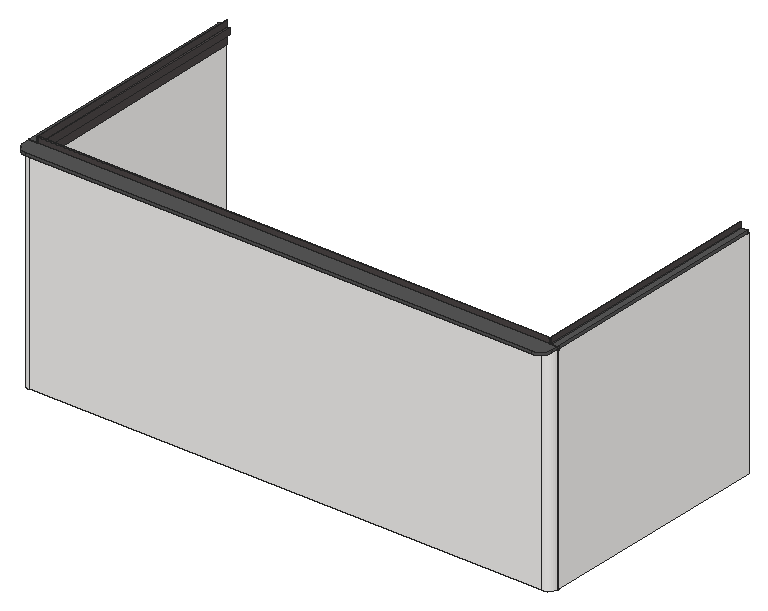
Revit family "vanity unit with 1 drawers for consoles with countertop basin ground", category Furniture, Revit 2019 (continued)
Definition of nested family "vanity unit 1180_550 with 1 drawer for consoles with countertop basin ground-54063700-diamond matt grey-matt_white-400_c"
  Parameters (values of type "Vanity unit 1180_550 with 1 drawer for consoles with countertop basin ground-54063700-Diamond Matt Grey-MATT_WHITE-400_C")
    OBJECTTYPE = "Object (single object)"
    OBERFLAECHE = "Diamond Matt Grey"
    NN = "Vanity Unit with 1 Drawers for consoles with countertop basin ground"
    NBSYN = "$BASENUMBER.-$ARTNR.-$OBERFLAECHE.-$SURFACE.-$LODLEVEL."
    NB = "Vanity unit 1180/550 with 1 drawer for consoles with countertop basin ground-54063700-Diamond Matt Grey-MATT_WHITE-400"
    NAME = "Xelu Q Vanity unit Diamond Matt Grey 1180/550 with 1 drawer for consoles with countertop basin ground"
    Model = "Vanity unit 1180/550 with 1 drawer for consoles with countertop basin ground-54063700-Diamond Matt Grey-MATT_WHITE-400"
    Manufacturer = "Hansgrohe"
    MASTERFORMAT = "12 35 30.23 | Bathroom Casework"
    LODLEVEL = "400"
    LINA = "Vanity unit 1180/550 with 1 drawer for consoles with countertop basin ground-54063700-Diamond Matt Grey-MATT_WHITE-400"
    L = 1180
    IFC = "Furnishing element"
    GTINCODE = "4059625456064"
    ETIM = "EC011381 | Bathroom furniture set"
    Default Elevation = 1219.2 mm
    DESIGN = "Germany"
    ContentVisible [instance] = yes
    CATALOG = "Hansgrohe"
    BIMOBJECT = "Sanitary: Compound units"
    BASENUMBER = "Vanity unit 1180/550 with 1 drawer for consoles with countertop basin ground"
    ARTNR = "54063700"
  Reference planes
    plane 1 "Center (Front/Back)": y = 0
    plane 2: z = 0
    plane 3 "Center (Left/Right)": x = 0
  Forms (mm)
    Extrusion 1, solid, visible <- "ContentVisible", detail levels medium+fine
      sketch origin (0, 0, 0) x (1, 0, 0) y (0, 1, 0)
        loop
          line (-590, 0) -> (-590, -527)
          arc (-590, -527) -> (-589.121, -529.121) -> (-587, -530) r 3
          line (-587, -530) -> (-574, -530) -> (-574, 0) -> (-590, 0)
      from 0 to 480
    Extrusion 2, solid, visible <- "ContentVisible", detail levels medium+fine
      sketch origin (0, 0, 0) x (1, 0, 0) y (0, 1, 0)
        loop
          line (-574, -133) -> (-574, -499.5) -> (574, -499.5) -> (574, -133) -> (-574, -133)
      from 0 to 16
    Extrusion 3, solid, visible <- "ContentVisible", detail levels medium+fine
      sketch origin (0, 0, 0) x (1, 0, 0) y (0, 1, 0)
        loop
          line (574, 0) -> (574, -530) -> (587, -530)
          arc (587, -530) -> (589.121, -529.121) -> (590, -527) r 3
          line (590, -527) -> (590, 0) -> (574, 0)
      from 0 to 480
    Extrusion 4, solid, visible <- "ContentVisible", detail levels medium+fine
      sketch origin (0, 0, 0) x (1, 0, 0) y (0, 1, 0)
        loop
          line (-574, -117) -> (-574, -133) -> (574, -133) -> (574, -117) -> (-574, -117)
      from 0 to 126
    Extrusion 5, solid, visible <- "ContentVisible", detail levels medium+fine
      sketch origin (0, 0, 2) x (1, 0, 0) y (0, 1, 0)
        loop
          arc (-590, -532) -> (-584.435, -545.435) -> (-571, -551) r 19
          line (-571, -551) -> (571, -551)
          arc (571, -551) -> (584.435, -545.435) -> (590, -532) r 19
          line (590, -532) -> (590, -530) -> (-590, -530) -> (-590, -532)
      from 0 to 478
    Extrusion 6, solid, visible <- "ContentVisible", detail levels medium+fine
      sketch origin (0, 0, 480) x (1, 0, 0) y (0, 1, 0)
        loop
          line (-588.5, -530) -> (-588.5, -546)
          arc (-588.5, -546) -> (-581.178, -563.678) -> (-563.5, -571) r 25
          line (-563.5, -571) -> (563.5, -571)
          arc (563.5, -571) -> (581.178, -563.678) -> (588.5, -546) r 25
          line (588.5, -546) -> (588.5, -530) -> (568.5, -530) -> (568.5, -528.5) -> (-568.5, -528.5) -> (-568.5, -530) -> (-588.5, -530)
      from 0 to 5
    Extrusion 7, solid, visible <- "ContentVisible", detail levels medium+fine
      sketch origin (0, 0, 0) x (0, 0, -1) y (0, 1, 0)
        loop
          line (-480, -528.5) -> (-480, -530) -> (-450, -530) -> (-450, -528.5) -> (-480, -528.5)
      from -568.5 to 568.5
    Extrusion 8, solid, visible <- "ContentVisible", detail levels medium+fine
      sketch origin (0, 0, 0) x (1, 0, 0) y (0, 0, -1)
        loop
          line (-574, -447) -> (-574, -485) -> (-572.5, -485) -> (-572.5, -447) -> (-574, -447)
      from -530 to 0
    Extrusion 9, solid, visible <- "ContentVisible", detail levels medium+fine
      sketch origin (0, 0, 0) x (1, 0, 0) y (0, 0, -1)
        loop
          line (572.5, -446.8) -> (572.5, -485) -> (574, -485) -> (574, -446.8) -> (572.5, -446.8)
      from -530 to 0
    Extrusion 10, solid, visible <- "ContentVisible", detail levels medium+fine
      sketch origin (0, 0, 480) x (1, 0, 0) y (0, 1, 0)
        loop
          line (-590, -3) -> (-590, -527)
          arc (-590, -527) -> (-589.121, -529.121) -> (-587, -530) r 3
          line (-587, -530) -> (-574, -530) -> (-574, 0) -> (-587, 0)
          arc (-587, 0) -> (-589.121, -0.879) -> (-590, -3) r 3
      from 0 to 5
    Extrusion 11, solid, visible <- "ContentVisible", detail levels medium+fine
      sketch origin (0, 0, 480) x (1, 0, 0) y (0, 1, 0)
        loop
          line (574, 0) -> (574, -530) -> (587, -530)
          arc (587, -530) -> (589.121, -529.121) -> (590, -527) r 3
          line (590, -527) -> (590, -3)
          arc (590, -3) -> (589.121, -0.879) -> (587, 0) r 3
          line (587, 0) -> (574, 0)
      from 0 to 5
    Extrusion 12, solid, visible <- "ContentVisible", detail levels medium+fine
      sketch origin (0, 0, 0) x (1, 0, 0) y (0, 0, -1)
        loop
          line (-572.5, -447) -> (-572.5, -496) -> (-571, -496) -> (-571, -483) -> (-566.4, -483) -> (-566.4, -468.5) -> (-571, -468.5) -> (-571, -447) -> (-572.5, -447)
      from -528.5 to 0
    Extrusion 13, solid, visible <- "ContentVisible", detail levels medium+fine
      sketch origin (0, 0, 0) x (1, 0, 0) y (0, 0, -1)
        loop
          line (566.4, -468.5) -> (566.4, -483) -> (571, -483) -> (571, -496) -> (572.5, -496) -> (572.5, -447) -> (571, -447) -> (571, -468.5) -> (566.4, -468.5)
      from -528.5 to 0
    Extrusion 14, solid, visible <- "ContentVisible", detail levels medium+fine
      sketch origin (0, 0, 0) x (0, 0, -1) y (0, 1, 0)
        loop
          line (-496, -528.5) -> (-447, -528.5) -> (-447, -527) -> (-468.5, -527) -> (-468.5, -522.4) -> (-483, -522.4) -> (-483, -527) -> (-496, -527) -> (-496, -528.5)
      from -572.5 to 572.5
    Extrusion 15, solid, visible <- "ContentVisible", detail levels medium+fine
      sketch origin (0, 0, 0) x (0, 0, -1) y (0, 1, 0)
        loop
          line (-440, -477) -> (-440, -493) -> (-366, -493) -> (-366, -477) -> (-440, -477)
      from -574 to 574
    Extrusion 16, solid, visible <- "ContentVisible", detail levels coarse
      sketch origin (0, -285.5, 0) x (1, 0, 0) y (0, 1, 0)
        loop
          line (-590, -285.5) -> (590, -285.5) -> (590, 285.5) -> (-590, 285.5) -> (-590, -285.5)
      from 0 to 496
  Dimensions and locks
    aligned and locked: level to plane 2
Definition of nested family "vanity unit 1180_550 with 1 drawer for consoles with countertop basin ground-54064000-natural oak-chrome-200_content"
  Parameters (values of type "Vanity unit 1180_550 with 1 drawer for consoles with countertop basin ground-54064000-Natural Oak-CHROME-200_Content")
    etim7_EC011381 = "EC011381"
    WEIGHT = "34.3"
    UNSPSC = "56 | Furniture and Furnishings"
    UNIFORMATII = "E2010 | Fixed Furnishings"
    UNICLASS_2015_CODE = "40_30_78_05"
    UNICLASS2015 = "Pr_40_30_78_05 | Bathroom furniture"
    SURFACE = "CHROME"
    REGIONSET = "Worldwide"
    PRODUCTURL = "https://pro.hansgrohe.com/articledetail--54064000"
    PRODUCTGROUP = "vanity unit"
    PRODUCTFAMILY = "Xelu Q"
    PERMALINK = "54064XXX"
    OMNICLASS = "23-21 19 15 33 13 | Residential Bathroom Specialty Casework"
    OBJECTTYPE = "Object (single object)"
    OBERFLAECHE = "Natural Oak"
    NN = "Vanity Unit with 1 Drawers for consoles with countertop basin ground"
    NBSYN = "$BASENUMBER.-$ARTNR.-$OBERFLAECHE.-$SURFACE.-$LODLEVEL."
    NB = "Vanity unit 1180/550 with 1 drawer for consoles with countertop basin ground-54064000-Natural Oak-CHROME-200"
    NAME = "Xelu Q Vanity unit Natural Oak 1180/550 with 1 drawer for consoles with countertop basin ground"
    Model = "Vanity unit 1180/550 with 1 drawer for consoles with countertop basin ground-54064000-Natural Oak-CHROME-200"
    Manufacturer = "Hansgrohe"
    MASTERFORMAT = "12 35 30.23 | Bathroom Casework"
    LODLEVEL = "200"
    LINA = "Vanity unit 1180/550 with 1 drawer for consoles with countertop basin ground-54064000-Natural Oak-CHROME-200"
    L = 1180
    IFC = "Furnishing element"
    GTINCODE = "4059625456439"
    ETIM = "EC011381 | Bathroom furniture set"
    Default Elevation = 1219.2 mm
    DESIGN = "Germany"
    ContentVisible [instance] = yes
    CATALOG = "Hansgrohe"
    BIMOBJECT = "Sanitary: Compound units"
    BASENUMBER = "Vanity unit 1180/550 with 1 drawer for consoles with countertop basin ground"
    ARTNR = "54064000"
  Reference planes
    plane 1 "Center (Front/Back)": y = 0
    plane 2: z = 0
    plane 3 "Center (Left/Right)": x = 0
  Forms (mm)
    Extrusion 1, solid, visible <- "ContentVisible", detail levels medium+fine
      sketch origin (0, 0, 0) x (1, 0, 0) y (0, 1, 0)
        loop
          line (-590, 0) -> (-590, -551) -> (590, -551) -> (590, 0) -> (574, 0) -> (574, -117) -> (-574, -117) -> (-574, 0) -> (-590, 0)
      from 0 to 480
    Extrusion 2, solid, visible <- "ContentVisible", detail levels medium+fine
      sketch origin (0, 0, 480) x (1, 0, 0) y (0, 1, 0)
        loop
          line (-588.5, -528.5) -> (-588.5, -571) -> (588.5, -571) -> (588.5, -528.5) -> (-588.5, -528.5)
      from 0 to 5
    Extrusion 3, solid, visible <- "ContentVisible", detail levels medium+fine
      sketch origin (0, 0, 0) x (1, 0, 0) y (0, 0, -1)
        loop
          line (-574, -447) -> (-574, -485) -> (-572.5, -485) -> (-572.5, -447) -> (-574, -447)
      from -530 to 0
    Extrusion 4, solid, visible <- "ContentVisible", detail levels medium+fine
      sketch origin (0, 0, 0) x (1, 0, 0) y (0, 0, -1)
        loop
          line (572.5, -446.8) -> (572.5, -485) -> (574, -485) -> (574, -446.8) -> (572.5, -446.8)
      from -530 to 0
    Extrusion 5, solid, visible <- "ContentVisible", detail levels medium+fine
      sketch origin (0, 0, 480) x (1, 0, 0) y (0, 1, 0)
        loop
          line (-590, 0) -> (-590, -530) -> (-574, -530) -> (-574, 0) -> (-590, 0)
      from 0 to 5
    Extrusion 6, solid, visible <- "ContentVisible", detail levels medium+fine
      sketch origin (0, 0, 480) x (1, 0, 0) y (0, 1, 0)
        loop
          line (574, 0) -> (574, -530) -> (590, -530) -> (590, 0) -> (574, 0)
      from 0 to 5
    Extrusion 7, solid, visible <- "ContentVisible", detail levels medium+fine
      sketch origin (0, 0, 0) x (1, 0, 0) y (0, 0, -1)
        loop
          line (-572.5, -447) -> (-572.5, -496) -> (-566.4, -496) -> (-566.4, -447) -> (-572.5, -447)
      from -528.5 to 0
    Extrusion 8, solid, visible <- "ContentVisible", detail levels medium+fine
      sketch origin (0, 0, 0) x (1, 0, 0) y (0, 0, -1)
        loop
          line (566.4, -447) -> (566.4, -496) -> (572.5, -496) -> (572.5, -447) -> (566.4, -447)
      from -528.5 to 0
    Extrusion 9, solid, visible <- "ContentVisible", detail levels medium+fine
      sketch origin (0, 0, 0) x (0, 0, -1) y (0, 1, 0)
        loop
          line (-496, -528.5) -> (-447, -528.5) -> (-447, -522.4) -> (-496, -522.4) -> (-496, -528.5)
      from -572.5 to 572.5
    Extrusion 10, solid, visible <- "ContentVisible", detail levels coarse
      sketch origin (0, -285.5, 0) x (1, 0, 0) y (0, 1, 0)
        loop
          line (-590, -285.5) -> (590, -285.5) -> (590, 285.5) -> (-590, 285.5) -> (-590, -285.5)
      from 0 to 496
  Dimensions and locks
    aligned and locked: level to plane 2
Definition of nested family "vanity unit 1180_550 with 1 drawer for consoles with countertop basin ground-54064000-natural oak-chrome-400_content"
  Parameters (values of type "Vanity unit 1180_550 with 1 drawer for consoles with countertop basin ground-54064000-Natural Oak-CHROME-400_Content")
    etim7_EC011381 = "EC011381"
    WEIGHT = "34.3"
    UNSPSC = "56 | Furniture and Furnishings"
    UNIFORMATII = "E2010 | Fixed Furnishings"
    UNICLASS_2015_CODE = "40_30_78_05"
    UNICLASS2015 = "Pr_40_30_78_05 | Bathroom furniture"
    SURFACE = "CHROME"
    REGIONSET = "Worldwide"
    PRODUCTURL = "https://pro.hansgrohe.com/articledetail--54064000"
    PRODUCTGROUP = "vanity unit"
    PRODUCTFAMILY = "Xelu Q"
    PERMALINK = "54064XXX"
    OMNICLASS = "23-21 19 15 33 13 | Residential Bathroom Specialty Casework"
    OBJECTTYPE = "Object (single object)"
    OBERFLAECHE = "Natural Oak"
    NN = "Vanity Unit with 1 Drawers for consoles with countertop basin ground"
    NBSYN = "$BASENUMBER.-$ARTNR.-$OBERFLAECHE.-$SURFACE.-$LODLEVEL."
    NB = "Vanity unit 1180/550 with 1 drawer for consoles with countertop basin ground-54064000-Natural Oak-CHROME-400"
    NAME = "Xelu Q Vanity unit Natural Oak 1180/550 with 1 drawer for consoles with countertop basin ground"
    Model = "Vanity unit 1180/550 with 1 drawer for consoles with countertop basin ground-54064000-Natural Oak-CHROME-400"
    Manufacturer = "Hansgrohe"
    MASTERFORMAT = "12 35 30.23 | Bathroom Casework"
    LODLEVEL = "400"
    LINA = "Vanity unit 1180/550 with 1 drawer for consoles with countertop basin ground-54064000-Natural Oak-CHROME-400"
    L = 1180
    IFC = "Furnishing element"
    GTINCODE = "4059625456439"
    ETIM = "EC011381 | Bathroom furniture set"
    Default Elevation = 1219.2 mm
    DESIGN = "Germany"
    ContentVisible [instance] = yes
    CATALOG = "Hansgrohe"
    BIMOBJECT = "Sanitary: Compound units"
    BASENUMBER = "Vanity unit 1180/550 with 1 drawer for consoles with countertop basin ground"
    ARTNR = "54064000"
  Reference planes
    plane 1 "Center (Front/Back)": y = 0
    plane 2: z = 0
    plane 3 "Center (Left/Right)": x = 0
  Forms (mm)
    Extrusion 1, solid, visible <- "ContentVisible", detail levels medium+fine
      sketch origin (0, 0, 0) x (1, 0, 0) y (0, 1, 0)
        loop
          line (-590, 0) -> (-590, -527)
          arc (-590, -527) -> (-589.121, -529.121) -> (-587, -530) r 3
          line (-587, -530) -> (-574, -530) -> (-574, 0) -> (-590, 0)
      from 0 to 480
    Extrusion 2, solid, visible <- "ContentVisible", detail levels medium+fine
      sketch origin (0, 0, 0) x (1, 0, 0) y (0, 1, 0)
        loop
          line (-574, -133) -> (-574, -499.5) -> (574, -499.5) -> (574, -133) -> (-574, -133)
      from 0 to 16
    Extrusion 3, solid, visible <- "ContentVisible", detail levels medium+fine
      sketch origin (0, 0, 0) x (1, 0, 0) y (0, 1, 0)
        loop
          line (574, 0) -> (574, -530) -> (587, -530)
          arc (587, -530) -> (589.121, -529.121) -> (590, -527) r 3
          line (590, -527) -> (590, 0) -> (574, 0)
      from 0 to 480
    Extrusion 4, solid, visible <- "ContentVisible", detail levels medium+fine
      sketch origin (0, 0, 0) x (1, 0, 0) y (0, 1, 0)
        loop
          line (-574, -117) -> (-574, -133) -> (574, -133) -> (574, -117) -> (-574, -117)
      from 0 to 126
    Extrusion 5, solid, visible <- "ContentVisible", detail levels medium+fine
      sketch origin (0, 0, 2) x (1, 0, 0) y (0, 1, 0)
        loop
          arc (-590, -532) -> (-584.435, -545.435) -> (-571, -551) r 19
          line (-571, -551) -> (571, -551)
          arc (571, -551) -> (584.435, -545.435) -> (590, -532) r 19
          line (590, -532) -> (590, -530) -> (-590, -530) -> (-590, -532)
      from 0 to 478
    Extrusion 6, solid, visible <- "ContentVisible", detail levels medium+fine
      sketch origin (0, 0, 480) x (1, 0, 0) y (0, 1, 0)
        loop
          line (-588.5, -530) -> (-588.5, -546)
          arc (-588.5, -546) -> (-581.178, -563.678) -> (-563.5, -571) r 25
          line (-563.5, -571) -> (563.5, -571)
          arc (563.5, -571) -> (581.178, -563.678) -> (588.5, -546) r 25
          line (588.5, -546) -> (588.5, -530) -> (568.5, -530) -> (568.5, -528.5) -> (-568.5, -528.5) -> (-568.5, -530) -> (-588.5, -530)
      from 0 to 5
    Extrusion 7, solid, visible <- "ContentVisible", detail levels medium+fine
      sketch origin (0, 0, 0) x (0, 0, -1) y (0, 1, 0)
        loop
          line (-480, -528.5) -> (-480, -530) -> (-450, -530) -> (-450, -528.5) -> (-480, -528.5)
      from -568.5 to 568.5
    Extrusion 8, solid, visible <- "ContentVisible", detail levels medium+fine
      sketch origin (0, 0, 0) x (1, 0, 0) y (0, 0, -1)
        loop
          line (-574, -447) -> (-574, -485) -> (-572.5, -485) -> (-572.5, -447) -> (-574, -447)
      from -530 to 0
    Extrusion 9, solid, visible <- "ContentVisible", detail levels medium+fine
      sketch origin (0, 0, 0) x (1, 0, 0) y (0, 0, -1)
        loop
          line (572.5, -446.8) -> (572.5, -485) -> (574, -485) -> (574, -446.8) -> (572.5, -446.8)
      from -530 to 0
    Extrusion 10, solid, visible <- "ContentVisible", detail levels medium+fine
      sketch origin (0, 0, 480) x (1, 0, 0) y (0, 1, 0)
        loop
          line (-590, -3) -> (-590, -527)
          arc (-590, -527) -> (-589.121, -529.121) -> (-587, -530) r 3
          line (-587, -530) -> (-574, -530) -> (-574, 0) -> (-587, 0)
          arc (-587, 0) -> (-589.121, -0.879) -> (-590, -3) r 3
      from 0 to 5
    Extrusion 11, solid, visible <- "ContentVisible", detail levels medium+fine
      sketch origin (0, 0, 480) x (1, 0, 0) y (0, 1, 0)
        loop
          line (574, 0) -> (574, -530) -> (587, -530)
          arc (587, -530) -> (589.121, -529.121) -> (590, -527) r 3
          line (590, -527) -> (590, -3)
          arc (590, -3) -> (589.121, -0.879) -> (587, 0) r 3
          line (587, 0) -> (574, 0)
      from 0 to 5
    Extrusion 12, solid, visible <- "ContentVisible", detail levels medium+fine
      sketch origin (0, 0, 0) x (1, 0, 0) y (0, 0, -1)
        loop
          line (-572.5, -447) -> (-572.5, -496) -> (-571, -496) -> (-571, -483) -> (-566.4, -483) -> (-566.4, -468.5) -> (-571, -468.5) -> (-571, -447) -> (-572.5, -447)
      from -528.5 to 0
    Extrusion 13, solid, visible <- "ContentVisible", detail levels medium+fine
      sketch origin (0, 0, 0) x (1, 0, 0) y (0, 0, -1)
        loop
          line (566.4, -468.5) -> (566.4, -483) -> (571, -483) -> (571, -496) -> (572.5, -496) -> (572.5, -447) -> (571, -447) -> (571, -468.5) -> (566.4, -468.5)
      from -528.5 to 0
    Extrusion 14, solid, visible <- "ContentVisible", detail levels medium+fine
      sketch origin (0, 0, 0) x (0, 0, -1) y (0, 1, 0)
        loop
          line (-496, -528.5) -> (-447, -528.5) -> (-447, -527) -> (-468.5, -527) -> (-468.5, -522.4) -> (-483, -522.4) -> (-483, -527) -> (-496, -527) -> (-496, -528.5)
      from -572.5 to 572.5
    Extrusion 15, solid, visible <- "ContentVisible", detail levels medium+fine
      sketch origin (0, 0, 0) x (0, 0, -1) y (0, 1, 0)
        loop
          line (-440, -477) -> (-440, -493) -> (-366, -493) -> (-366, -477) -> (-440, -477)
      from -574 to 574
    Extrusion 16, solid, visible <- "ContentVisible", detail levels coarse
      sketch origin (0, -285.5, 0) x (1, 0, 0) y (0, 1, 0)
        loop
          line (-590, -285.5) -> (590, -285.5) -> (590, 285.5) -> (-590, 285.5) -> (-590, -285.5)
      from 0 to 496
  Dimensions and locks
    aligned and locked: level to plane 2
Definition of nested family "vanity unit 1180_550 with 1 drawer for consoles with countertop basin ground-54064670-natural oak-matt_black-200_content"
  Parameters (values of type "Vanity unit 1180_550 with 1 drawer for consoles with countertop basin ground-54064670-Natural Oak-MATT_BLACK-200_Content")
    etim7_EC011381 = "EC011381"
    WEIGHT = "34.3"
    UNSPSC = "56 | Furniture and Furnishings"
    UNIFORMATII = "E2010 | Fixed Furnishings"
    UNICLASS_2015_CODE = "40_30_78_05"
    UNICLASS2015 = "Pr_40_30_78_05 | Bathroom furniture"
    SURFACE = "MATT_BLACK"
    REGIONSET = "Worldwide"
    PRODUCTURL = "https://pro.hansgrohe.com/articledetail--54064000"
    PRODUCTGROUP = "vanity unit"
    PRODUCTFAMILY = "Xelu Q"
    PERMALINK = "54064XXX"
    OMNICLASS = "23-21 19 15 33 13 | Residential Bathroom Specialty Casework"
    OBJECTTYPE = "Object (single object)"
    OBERFLAECHE = "Natural Oak"
    NN = "Vanity Unit with 1 Drawers for consoles with countertop basin ground"
    NBSYN = "$BASENUMBER.-$ARTNR.-$OBERFLAECHE.-$SURFACE.-$LODLEVEL."
    NB = "Vanity unit 1180/550 with 1 drawer for consoles with countertop basin ground-54064670-Natural Oak-MATT_BLACK-200"
    NAME = "Xelu Q Vanity unit Natural Oak 1180/550 with 1 drawer for consoles with countertop basin ground"
    Model = "Vanity unit 1180/550 with 1 drawer for consoles with countertop basin ground-54064670-Natural Oak-MATT_BLACK-200"
    Manufacturer = "Hansgrohe"
    MASTERFORMAT = "12 35 30.23 | Bathroom Casework"
    LODLEVEL = "200"
    LINA = "Vanity unit 1180/550 with 1 drawer for consoles with countertop basin ground-54064670-Natural Oak-MATT_BLACK-200"
    L = 1180
    IFC = "Furnishing element"
    GTINCODE = "4059625456439"
    ETIM = "EC011381 | Bathroom furniture set"
    Default Elevation = 1219.2 mm
    DESIGN = "Germany"
    ContentVisible [instance] = yes
    CATALOG = "Hansgrohe"
    BIMOBJECT = "Sanitary: Compound units"
    BASENUMBER = "Vanity unit 1180/550 with 1 drawer for consoles with countertop basin ground"
    ARTNR = "54064670"
  Reference planes
    plane 1 "Center (Front/Back)": y = 0
    plane 2: z = 0
    plane 3 "Center (Left/Right)": x = 0
  Forms (mm)
    Extrusion 1, solid, visible <- "ContentVisible", detail levels medium+fine
      sketch origin (0, 0, 0) x (1, 0, 0) y (0, 1, 0)
        loop
          line (-590, 0) -> (-590, -551) -> (590, -551) -> (590, 0) -> (574, 0) -> (574, -117) -> (-574, -117) -> (-574, 0) -> (-590, 0)
      from 0 to 480
    Extrusion 2, solid, visible <- "ContentVisible", detail levels medium+fine
      sketch origin (0, 0, 480) x (1, 0, 0) y (0, 1, 0)
        loop
          line (-588.5, -528.5) -> (-588.5, -571) -> (588.5, -571) -> (588.5, -528.5) -> (-588.5, -528.5)
      from 0 to 5
    Extrusion 3, solid, visible <- "ContentVisible", detail levels medium+fine
      sketch origin (0, 0, 0) x (1, 0, 0) y (0, 0, -1)
        loop
          line (-574, -447) -> (-574, -485) -> (-572.5, -485) -> (-572.5, -447) -> (-574, -447)
      from -530 to 0
    Extrusion 4, solid, visible <- "ContentVisible", detail levels medium+fine
      sketch origin (0, 0, 0) x (1, 0, 0) y (0, 0, -1)
        loop
          line (572.5, -446.8) -> (572.5, -485) -> (574, -485) -> (574, -446.8) -> (572.5, -446.8)
      from -530 to 0
    Extrusion 5, solid, visible <- "ContentVisible", detail levels medium+fine
      sketch origin (0, 0, 480) x (1, 0, 0) y (0, 1, 0)
        loop
          line (-590, 0) -> (-590, -530) -> (-574, -530) -> (-574, 0) -> (-590, 0)
      from 0 to 5
    Extrusion 6, solid, visible <- "ContentVisible", detail levels medium+fine
      sketch origin (0, 0, 480) x (1, 0, 0) y (0, 1, 0)
        loop
          line (574, 0) -> (574, -530) -> (590, -530) -> (590, 0) -> (574, 0)
      from 0 to 5
    Extrusion 7, solid, visible <- "ContentVisible", detail levels medium+fine
      sketch origin (0, 0, 0) x (1, 0, 0) y (0, 0, -1)
        loop
          line (-572.5, -447) -> (-572.5, -496) -> (-566.4, -496) -> (-566.4, -447) -> (-572.5, -447)
      from -528.5 to 0
    Extrusion 8, solid, visible <- "ContentVisible", detail levels medium+fine
      sketch origin (0, 0, 0) x (1, 0, 0) y (0, 0, -1)
        loop
          line (566.4, -447) -> (566.4, -496) -> (572.5, -496) -> (572.5, -447) -> (566.4, -447)
      from -528.5 to 0
    Extrusion 9, solid, visible <- "ContentVisible", detail levels medium+fine
      sketch origin (0, 0, 0) x (0, 0, -1) y (0, 1, 0)
        loop
          line (-496, -528.5) -> (-447, -528.5) -> (-447, -522.4) -> (-496, -522.4) -> (-496, -528.5)
      from -572.5 to 572.5
    Extrusion 10, solid, visible <- "ContentVisible", detail levels coarse
      sketch origin (0, -285.5, 0) x (1, 0, 0) y (0, 1, 0)
        loop
          line (-590, -285.5) -> (590, -285.5) -> (590, 285.5) -> (-590, 285.5) -> (-590, -285.5)
      from 0 to 496
  Dimensions and locks
    aligned and locked: level to plane 2
Definition of nested family "vanity unit 1180_550 with 1 drawer for consoles with countertop basin ground-54064670-natural oak-matt_black-400_content"
  Parameters (values of type "Vanity unit 1180_550 with 1 drawer for consoles with countertop basin ground-54064670-Natural Oak-MATT_BLACK-400_Content")
    etim7_EC011381 = "EC011381"
    WEIGHT = "34.3"
    UNSPSC = "56 | Furniture and Furnishings"
    UNIFORMATII = "E2010 | Fixed Furnishings"
    UNICLASS_2015_CODE = "40_30_78_05"
    UNICLASS2015 = "Pr_40_30_78_05 | Bathroom furniture"
    SURFACE = "MATT_BLACK"
    REGIONSET = "Worldwide"
    PRODUCTURL = "https://pro.hansgrohe.com/articledetail--54064000"
    PRODUCTGROUP = "vanity unit"
    PRODUCTFAMILY = "Xelu Q"
    PERMALINK = "54064XXX"
    OMNICLASS = "23-21 19 15 33 13 | Residential Bathroom Specialty Casework"
    OBJECTTYPE = "Object (single object)"
    OBERFLAECHE = "Natural Oak"
    NN = "Vanity Unit with 1 Drawers for consoles with countertop basin ground"
    NBSYN = "$BASENUMBER.-$ARTNR.-$OBERFLAECHE.-$SURFACE.-$LODLEVEL."
    NB = "Vanity unit 1180/550 with 1 drawer for consoles with countertop basin ground-54064670-Natural Oak-MATT_BLACK-400"
    NAME = "Xelu Q Vanity unit Natural Oak 1180/550 with 1 drawer for consoles with countertop basin ground"
    Model = "Vanity unit 1180/550 with 1 drawer for consoles with countertop basin ground-54064670-Natural Oak-MATT_BLACK-400"
    Manufacturer = "Hansgrohe"
    MASTERFORMAT = "12 35 30.23 | Bathroom Casework"
    LODLEVEL = "400"
    LINA = "Vanity unit 1180/550 with 1 drawer for consoles with countertop basin ground-54064670-Natural Oak-MATT_BLACK-400"
    L = 1180
    IFC = "Furnishing element"
    GTINCODE = "4059625456439"
    ETIM = "EC011381 | Bathroom furniture set"
    Default Elevation = 1219.2 mm
    DESIGN = "Germany"
    ContentVisible [instance] = yes
    CATALOG = "Hansgrohe"
    BIMOBJECT = "Sanitary: Compound units"
    BASENUMBER = "Vanity unit 1180/550 with 1 drawer for consoles with countertop basin ground"
    ARTNR = "54064670"
  Reference planes
    plane 1 "Center (Front/Back)": y = 0
    plane 2: z = 0
    plane 3 "Center (Left/Right)": x = 0
  Forms (mm)
    Extrusion 1, solid, visible <- "ContentVisible", detail levels medium+fine
      sketch origin (0, 0, 0) x (1, 0, 0) y (0, 1, 0)
        loop
          line (-590, 0) -> (-590, -527)
          arc (-590, -527) -> (-589.121, -529.121) -> (-587, -530) r 3
          line (-587, -530) -> (-574, -530) -> (-574, 0) -> (-590, 0)
      from 0 to 480
    Extrusion 2, solid, visible <- "ContentVisible", detail levels medium+fine
      sketch origin (0, 0, 0) x (1, 0, 0) y (0, 1, 0)
        loop
          line (-574, -133) -> (-574, -499.5) -> (574, -499.5) -> (574, -133) -> (-574, -133)
      from 0 to 16
    Extrusion 3, solid, visible <- "ContentVisible", detail levels medium+fine
      sketch origin (0, 0, 0) x (1, 0, 0) y (0, 1, 0)
        loop
          line (574, 0) -> (574, -530) -> (587, -530)
          arc (587, -530) -> (589.121, -529.121) -> (590, -527) r 3
          line (590, -527) -> (590, 0) -> (574, 0)
      from 0 to 480
    Extrusion 4, solid, visible <- "ContentVisible", detail levels medium+fine
      sketch origin (0, 0, 0) x (1, 0, 0) y (0, 1, 0)
        loop
          line (-574, -117) -> (-574, -133) -> (574, -133) -> (574, -117) -> (-574, -117)
      from 0 to 126
    Extrusion 5, solid, visible <- "ContentVisible", detail levels medium+fine
      sketch origin (0, 0, 2) x (1, 0, 0) y (0, 1, 0)
        loop
          arc (-590, -532) -> (-584.435, -545.435) -> (-571, -551) r 19
          line (-571, -551) -> (571, -551)
          arc (571, -551) -> (584.435, -545.435) -> (590, -532) r 19
          line (590, -532) -> (590, -530) -> (-590, -530) -> (-590, -532)
      from 0 to 478
    Extrusion 6, solid, visible <- "ContentVisible", detail levels medium+fine
      sketch origin (0, 0, 480) x (1, 0, 0) y (0, 1, 0)
        loop
          line (-588.5, -530) -> (-588.5, -546)
          arc (-588.5, -546) -> (-581.178, -563.678) -> (-563.5, -571) r 25
          line (-563.5, -571) -> (563.5, -571)
          arc (563.5, -571) -> (581.178, -563.678) -> (588.5, -546) r 25
          line (588.5, -546) -> (588.5, -530) -> (568.5, -530) -> (568.5, -528.5) -> (-568.5, -528.5) -> (-568.5, -530) -> (-588.5, -530)
      from 0 to 5
    Extrusion 7, solid, visible <- "ContentVisible", detail levels medium+fine
      sketch origin (0, 0, 0) x (0, 0, -1) y (0, 1, 0)
        loop
          line (-480, -528.5) -> (-480, -530) -> (-450, -530) -> (-450, -528.5) -> (-480, -528.5)
      from -568.5 to 568.5
    Extrusion 8, solid, visible <- "ContentVisible", detail levels medium+fine
      sketch origin (0, 0, 0) x (1, 0, 0) y (0, 0, -1)
        loop
          line (-574, -447) -> (-574, -485) -> (-572.5, -485) -> (-572.5, -447) -> (-574, -447)
      from -530 to 0
    Extrusion 9, solid, visible <- "ContentVisible", detail levels medium+fine
      sketch origin (0, 0, 0) x (1, 0, 0) y (0, 0, -1)
        loop
          line (572.5, -446.8) -> (572.5, -485) -> (574, -485) -> (574, -446.8) -> (572.5, -446.8)
      from -530 to 0
    Extrusion 10, solid, visible <- "ContentVisible", detail levels medium+fine
      sketch origin (0, 0, 480) x (1, 0, 0) y (0, 1, 0)
        loop
          line (-590, -3) -> (-590, -527)
          arc (-590, -527) -> (-589.121, -529.121) -> (-587, -530) r 3
          line (-587, -530) -> (-574, -530) -> (-574, 0) -> (-587, 0)
          arc (-587, 0) -> (-589.121, -0.879) -> (-590, -3) r 3
      from 0 to 5
    Extrusion 11, solid, visible <- "ContentVisible", detail levels medium+fine
      sketch origin (0, 0, 480) x (1, 0, 0) y (0, 1, 0)
        loop
          line (574, 0) -> (574, -530) -> (587, -530)
          arc (587, -530) -> (589.121, -529.121) -> (590, -527) r 3
          line (590, -527) -> (590, -3)
          arc (590, -3) -> (589.121, -0.879) -> (587, 0) r 3
          line (587, 0) -> (574, 0)
      from 0 to 5
    Extrusion 12, solid, visible <- "ContentVisible", detail levels medium+fine
      sketch origin (0, 0, 0) x (1, 0, 0) y (0, 0, -1)
        loop
          line (-572.5, -447) -> (-572.5, -496) -> (-571, -496) -> (-571, -483) -> (-566.4, -483) -> (-566.4, -468.5) -> (-571, -468.5) -> (-571, -447) -> (-572.5, -447)
      from -528.5 to 0
    Extrusion 13, solid, visible <- "ContentVisible", detail levels medium+fine
      sketch origin (0, 0, 0) x (1, 0, 0) y (0, 0, -1)
        loop
          line (566.4, -468.5) -> (566.4, -483) -> (571, -483) -> (571, -496) -> (572.5, -496) -> (572.5, -447) -> (571, -447) -> (571, -468.5) -> (566.4, -468.5)
      from -528.5 to 0
    Extrusion 14, solid, visible <- "ContentVisible", detail levels medium+fine
      sketch origin (0, 0, 0) x (0, 0, -1) y (0, 1, 0)
        loop
          line (-496, -528.5) -> (-447, -528.5) -> (-447, -527) -> (-468.5, -527) -> (-468.5, -522.4) -> (-483, -522.4) -> (-483, -527) -> (-496, -527) -> (-496, -528.5)
      from -572.5 to 572.5
    Extrusion 15, solid, visible <- "ContentVisible", detail levels medium+fine
      sketch origin (0, 0, 0) x (0, 0, -1) y (0, 1, 0)
        loop
          line (-440, -477) -> (-440, -493) -> (-366, -493) -> (-366, -477) -> (-440, -477)
      from -574 to 574
    Extrusion 16, solid, visible <- "ContentVisible", detail levels coarse
      sketch origin (0, -285.5, 0) x (1, 0, 0) y (0, 1, 0)
        loop
          line (-590, -285.5) -> (590, -285.5) -> (590, 285.5) -> (-590, 285.5) -> (-590, -285.5)
      from 0 to 496
  Dimensions and locks
    aligned and locked: level to plane 2
Definition of nested family "vanity unit 1180_550 with 1 drawer for consoles with countertop basin ground-54064700-natural oak-matt_white-200_content"
  Parameters (values of type "Vanity unit 1180_550 with 1 drawer for consoles with countertop basin ground-54064700-Natural Oak-MATT_WHITE-200_Content")
    etim7_EC011381 = "EC011381"
    WEIGHT = "34.3"
    UNSPSC = "56 | Furniture and Furnishings"
    UNIFORMATII = "E2010 | Fixed Furnishings"
    UNICLASS_2015_CODE = "40_30_78_05"
    UNICLASS2015 = "Pr_40_30_78_05 | Bathroom furniture"
    SURFACE = "MATT_WHITE"
    REGIONSET = "Worldwide"
    PRODUCTURL = "https://pro.hansgrohe.com/articledetail--54064000"
    PRODUCTGROUP = "vanity unit"
    PRODUCTFAMILY = "Xelu Q"
    PERMALINK = "54064XXX"
    OMNICLASS = "23-21 19 15 33 13 | Residential Bathroom Specialty Casework"
    OBJECTTYPE = "Object (single object)"
    OBERFLAECHE = "Natural Oak"
    NN = "Vanity Unit with 1 Drawers for consoles with countertop basin ground"
    NBSYN = "$BASENUMBER.-$ARTNR.-$OBERFLAECHE.-$SURFACE.-$LODLEVEL."
    NB = "Vanity unit 1180/550 with 1 drawer for consoles with countertop basin ground-54064700-Natural Oak-MATT_WHITE-200"
    NAME = "Xelu Q Vanity unit Natural Oak 1180/550 with 1 drawer for consoles with countertop basin ground"
    Model = "Vanity unit 1180/550 with 1 drawer for consoles with countertop basin ground-54064700-Natural Oak-MATT_WHITE-200"
    Manufacturer = "Hansgrohe"
    MASTERFORMAT = "12 35 30.23 | Bathroom Casework"
    LODLEVEL = "200"
    LINA = "Vanity unit 1180/550 with 1 drawer for consoles with countertop basin ground-54064700-Natural Oak-MATT_WHITE-200"
    L = 1180
    IFC = "Furnishing element"
    GTINCODE = "4059625456439"
    ETIM = "EC011381 | Bathroom furniture set"
    Default Elevation = 1219.2 mm
    DESIGN = "Germany"
    ContentVisible [instance] = yes
    CATALOG = "Hansgrohe"
    BIMOBJECT = "Sanitary: Compound units"
    BASENUMBER = "Vanity unit 1180/550 with 1 drawer for consoles with countertop basin ground"
    ARTNR = "54064700"
  Reference planes
    plane 1 "Center (Front/Back)": y = 0
    plane 2: z = 0
    plane 3 "Center (Left/Right)": x = 0
  Forms (mm)
    Extrusion 1, solid, visible <- "ContentVisible", detail levels medium+fine
      sketch origin (0, 0, 0) x (1, 0, 0) y (0, 1, 0)
        loop
          line (-590, 0) -> (-590, -551) -> (590, -551) -> (590, 0) -> (574, 0) -> (574, -117) -> (-574, -117) -> (-574, 0) -> (-590, 0)
      from 0 to 480
    Extrusion 2, solid, visible <- "ContentVisible", detail levels medium+fine
      sketch origin (0, 0, 480) x (1, 0, 0) y (0, 1, 0)
        loop
          line (-588.5, -528.5) -> (-588.5, -571) -> (588.5, -571) -> (588.5, -528.5) -> (-588.5, -528.5)
      from 0 to 5
    Extrusion 3, solid, visible <- "ContentVisible", detail levels medium+fine
      sketch origin (0, 0, 0) x (1, 0, 0) y (0, 0, -1)
        loop
          line (-574, -447) -> (-574, -485) -> (-572.5, -485) -> (-572.5, -447) -> (-574, -447)
      from -530 to 0
    Extrusion 4, solid, visible <- "ContentVisible", detail levels medium+fine
      sketch origin (0, 0, 0) x (1, 0, 0) y (0, 0, -1)
        loop
          line (572.5, -446.8) -> (572.5, -485) -> (574, -485) -> (574, -446.8) -> (572.5, -446.8)
      from -530 to 0
    Extrusion 5, solid, visible <- "ContentVisible", detail levels medium+fine
      sketch origin (0, 0, 480) x (1, 0, 0) y (0, 1, 0)
        loop
          line (-590, 0) -> (-590, -530) -> (-574, -530) -> (-574, 0) -> (-590, 0)
      from 0 to 5
    Extrusion 6, solid, visible <- "ContentVisible", detail levels medium+fine
      sketch origin (0, 0, 480) x (1, 0, 0) y (0, 1, 0)
        loop
          line (574, 0) -> (574, -530) -> (590, -530) -> (590, 0) -> (574, 0)
      from 0 to 5
    Extrusion 7, solid, visible <- "ContentVisible", detail levels medium+fine
      sketch origin (0, 0, 0) x (1, 0, 0) y (0, 0, -1)
        loop
          line (-572.5, -447) -> (-572.5, -496) -> (-566.4, -496) -> (-566.4, -447) -> (-572.5, -447)
      from -528.5 to 0
    Extrusion 8, solid, visible <- "ContentVisible", detail levels medium+fine
      sketch origin (0, 0, 0) x (1, 0, 0) y (0, 0, -1)
        loop
          line (566.4, -447) -> (566.4, -496) -> (572.5, -496) -> (572.5, -447) -> (566.4, -447)
      from -528.5 to 0
    Extrusion 9, solid, visible <- "ContentVisible", detail levels medium+fine
      sketch origin (0, 0, 0) x (0, 0, -1) y (0, 1, 0)
        loop
          line (-496, -528.5) -> (-447, -528.5) -> (-447, -522.4) -> (-496, -522.4) -> (-496, -528.5)
      from -572.5 to 572.5
    Extrusion 10, solid, visible <- "ContentVisible", detail levels coarse
      sketch origin (0, -285.5, 0) x (1, 0, 0) y (0, 1, 0)
        loop
          line (-590, -285.5) -> (590, -285.5) -> (590, 285.5) -> (-590, 285.5) -> (-590, -285.5)
      from 0 to 496
  Dimensions and locks
    aligned and locked: level to plane 2
Definition of nested family "vanity unit 1180_550 with 1 drawer for consoles with countertop basin ground-54064700-natural oak-matt_white-400_content"
  Parameters (values of type "Vanity unit 1180_550 with 1 drawer for consoles with countertop basin ground-54064700-Natural Oak-MATT_WHITE-400_Content")
    etim7_EC011381 = "EC011381"
    WEIGHT = "34.3"
    UNSPSC = "56 | Furniture and Furnishings"
    UNIFORMATII = "E2010 | Fixed Furnishings"
    UNICLASS_2015_CODE = "40_30_78_05"
    UNICLASS2015 = "Pr_40_30_78_05 | Bathroom furniture"
    SURFACE = "MATT_WHITE"
    REGIONSET = "Worldwide"
    PRODUCTURL = "https://pro.hansgrohe.com/articledetail--54064000"
    PRODUCTGROUP = "vanity unit"
    PRODUCTFAMILY = "Xelu Q"
    PERMALINK = "54064XXX"
    OMNICLASS = "23-21 19 15 33 13 | Residential Bathroom Specialty Casework"
    OBJECTTYPE = "Object (single object)"
    OBERFLAECHE = "Natural Oak"
    NN = "Vanity Unit with 1 Drawers for consoles with countertop basin ground"
    NBSYN = "$BASENUMBER.-$ARTNR.-$OBERFLAECHE.-$SURFACE.-$LODLEVEL."
    NB = "Vanity unit 1180/550 with 1 drawer for consoles with countertop basin ground-54064700-Natural Oak-MATT_WHITE-400"
    NAME = "Xelu Q Vanity unit Natural Oak 1180/550 with 1 drawer for consoles with countertop basin ground"
    Model = "Vanity unit 1180/550 with 1 drawer for consoles with countertop basin ground-54064700-Natural Oak-MATT_WHITE-400"
    Manufacturer = "Hansgrohe"
    MASTERFORMAT = "12 35 30.23 | Bathroom Casework"
    LODLEVEL = "400"
    LINA = "Vanity unit 1180/550 with 1 drawer for consoles with countertop basin ground-54064700-Natural Oak-MATT_WHITE-400"
    L = 1180
    IFC = "Furnishing element"
    GTINCODE = "4059625456439"
    ETIM = "EC011381 | Bathroom furniture set"
    Default Elevation = 1219.2 mm
    DESIGN = "Germany"
    ContentVisible [instance] = yes
    CATALOG = "Hansgrohe"
    BIMOBJECT = "Sanitary: Compound units"
    BASENUMBER = "Vanity unit 1180/550 with 1 drawer for consoles with countertop basin ground"
    ARTNR = "54064700"
  Reference planes
    plane 1 "Center (Front/Back)": y = 0
    plane 2: z = 0
    plane 3 "Center (Left/Right)": x = 0
  Forms (mm)
    Extrusion 1, solid, visible <- "ContentVisible", detail levels medium+fine
      sketch origin (0, 0, 0) x (1, 0, 0) y (0, 1, 0)
        loop
          line (-590, 0) -> (-590, -527)
          arc (-590, -527) -> (-589.121, -529.121) -> (-587, -530) r 3
          line (-587, -530) -> (-574, -530) -> (-574, 0) -> (-590, 0)
      from 0 to 480
    Extrusion 2, solid, visible <- "ContentVisible", detail levels medium+fine
      sketch origin (0, 0, 0) x (1, 0, 0) y (0, 1, 0)
        loop
          line (-574, -133) -> (-574, -499.5) -> (574, -499.5) -> (574, -133) -> (-574, -133)
      from 0 to 16
    Extrusion 3, solid, visible <- "ContentVisible", detail levels medium+fine
      sketch origin (0, 0, 0) x (1, 0, 0) y (0, 1, 0)
        loop
          line (574, 0) -> (574, -530) -> (587, -530)
          arc (587, -530) -> (589.121, -529.121) -> (590, -527) r 3
          line (590, -527) -> (590, 0) -> (574, 0)
      from 0 to 480
    Extrusion 4, solid, visible <- "ContentVisible", detail levels medium+fine
      sketch origin (0, 0, 0) x (1, 0, 0) y (0, 1, 0)
        loop
          line (-574, -117) -> (-574, -133) -> (574, -133) -> (574, -117) -> (-574, -117)
      from 0 to 126
    Extrusion 5, solid, visible <- "ContentVisible", detail levels medium+fine
      sketch origin (0, 0, 2) x (1, 0, 0) y (0, 1, 0)
        loop
          arc (-590, -532) -> (-584.435, -545.435) -> (-571, -551) r 19
          line (-571, -551) -> (571, -551)
          arc (571, -551) -> (584.435, -545.435) -> (590, -532) r 19
          line (590, -532) -> (590, -530) -> (-590, -530) -> (-590, -532)
      from 0 to 478
    Extrusion 6, solid, visible <- "ContentVisible", detail levels medium+fine
      sketch origin (0, 0, 480) x (1, 0, 0) y (0, 1, 0)
        loop
          line (-588.5, -530) -> (-588.5, -546)
          arc (-588.5, -546) -> (-581.178, -563.678) -> (-563.5, -571) r 25
          line (-563.5, -571) -> (563.5, -571)
          arc (563.5, -571) -> (581.178, -563.678) -> (588.5, -546) r 25
          line (588.5, -546) -> (588.5, -530) -> (568.5, -530) -> (568.5, -528.5) -> (-568.5, -528.5) -> (-568.5, -530) -> (-588.5, -530)
      from 0 to 5
    Extrusion 7, solid, visible <- "ContentVisible", detail levels medium+fine
      sketch origin (0, 0, 0) x (0, 0, -1) y (0, 1, 0)
        loop
          line (-480, -528.5) -> (-480, -530) -> (-450, -530) -> (-450, -528.5) -> (-480, -528.5)
      from -568.5 to 568.5
    Extrusion 8, solid, visible <- "ContentVisible", detail levels medium+fine
      sketch origin (0, 0, 0) x (1, 0, 0) y (0, 0, -1)
        loop
          line (-574, -447) -> (-574, -485) -> (-572.5, -485) -> (-572.5, -447) -> (-574, -447)
      from -530 to 0
    Extrusion 9, solid, visible <- "ContentVisible", detail levels medium+fine
      sketch origin (0, 0, 0) x (1, 0, 0) y (0, 0, -1)
        loop
          line (572.5, -446.8) -> (572.5, -485) -> (574, -485) -> (574, -446.8) -> (572.5, -446.8)
      from -530 to 0
    Extrusion 10, solid, visible <- "ContentVisible", detail levels medium+fine
      sketch origin (0, 0, 480) x (1, 0, 0) y (0, 1, 0)
        loop
          line (-590, -3) -> (-590, -527)
          arc (-590, -527) -> (-589.121, -529.121) -> (-587, -530) r 3
          line (-587, -530) -> (-574, -530) -> (-574, 0) -> (-587, 0)
          arc (-587, 0) -> (-589.121, -0.879) -> (-590, -3) r 3
      from 0 to 5
    Extrusion 11, solid, visible <- "ContentVisible", detail levels medium+fine
      sketch origin (0, 0, 480) x (1, 0, 0) y (0, 1, 0)
        loop
          line (574, 0) -> (574, -530) -> (587, -530)
          arc (587, -530) -> (589.121, -529.121) -> (590, -527) r 3
          line (590, -527) -> (590, -3)
          arc (590, -3) -> (589.121, -0.879) -> (587, 0) r 3
          line (587, 0) -> (574, 0)
      from 0 to 5
    Extrusion 12, solid, visible <- "ContentVisible", detail levels medium+fine
      sketch origin (0, 0, 0) x (1, 0, 0) y (0, 0, -1)
        loop
          line (-572.5, -447) -> (-572.5, -496) -> (-571, -496) -> (-571, -483) -> (-566.4, -483) -> (-566.4, -468.5) -> (-571, -468.5) -> (-571, -447) -> (-572.5, -447)
      from -528.5 to 0
    Extrusion 13, solid, visible <- "ContentVisible", detail levels medium+fine
      sketch origin (0, 0, 0) x (1, 0, 0) y (0, 0, -1)
        loop
          line (566.4, -468.5) -> (566.4, -483) -> (571, -483) -> (571, -496) -> (572.5, -496) -> (572.5, -447) -> (571, -447) -> (571, -468.5) -> (566.4, -468.5)
      from -528.5 to 0
    Extrusion 14, solid, visible <- "ContentVisible", detail levels medium+fine
      sketch origin (0, 0, 0) x (0, 0, -1) y (0, 1, 0)
        loop
          line (-496, -528.5) -> (-447, -528.5) -> (-447, -527) -> (-468.5, -527) -> (-468.5, -522.4) -> (-483, -522.4) -> (-483, -527) -> (-496, -527) -> (-496, -528.5)
      from -572.5 to 572.5
    Extrusion 15, solid, visible <- "ContentVisible", detail levels medium+fine
      sketch origin (0, 0, 0) x (0, 0, -1) y (0, 1, 0)
        loop
          line (-440, -477) -> (-440, -493) -> (-366, -493) -> (-366, -477) -> (-440, -477)
      from -574 to 574
    Extrusion 16, solid, visible <- "ContentVisible", detail levels coarse
      sketch origin (0, -285.5, 0) x (1, 0, 0) y (0, 1, 0)
        loop
          line (-590, -285.5) -> (590, -285.5) -> (590, 285.5) -> (-590, 285.5) -> (-590, -285.5)
      from 0 to 496
  Dimensions and locks
    aligned and locked: level to plane 2
Definition of nested family "vanity unit 1180_550 with 1 drawer for consoles with countertop basin ground-54065000-dark walnut-chrome-200_content"
  Parameters (values of type "Vanity unit 1180_550 with 1 drawer for consoles with countertop basin ground-54065000-Dark Walnut-CHROME-200_Content")
    etim7_EC011381 = "EC011381"
    WEIGHT = "34.3"
    UNSPSC = "56 | Furniture and Furnishings"
    UNIFORMATII = "E2010 | Fixed Furnishings"
    UNICLASS_2015_CODE = "40_30_78_05"
    UNICLASS2015 = "Pr_40_30_78_05 | Bathroom furniture"
    SURFACE = "CHROME"
    REGIONSET = "Worldwide"
    PRODUCTURL = "https://pro.hansgrohe.com/articledetail--54065000"
    PRODUCTGROUP = "vanity unit"
    PRODUCTFAMILY = "Xelu Q"
    PERMALINK = "54065XXX"
    OMNICLASS = "23-21 19 15 33 13 | Residential Bathroom Specialty Casework"
    OBJECTTYPE = "Object (single object)"
    OBERFLAECHE = "Dark Walnut"
    NN = "Vanity Unit with 1 Drawers for consoles with countertop basin ground"
    NBSYN = "$BASENUMBER.-$ARTNR.-$OBERFLAECHE.-$SURFACE.-$LODLEVEL."
    NB = "Vanity unit 1180/550 with 1 drawer for consoles with countertop basin ground-54065000-Dark Walnut-CHROME-200"
    NAME = "Xelu Q Vanity unit Dark Walnut 1180/550 with 1 drawer for consoles with countertop basin ground"
    Model = "Vanity unit 1180/550 with 1 drawer for consoles with countertop basin ground-54065000-Dark Walnut-CHROME-200"
    Manufacturer = "Hansgrohe"
    MASTERFORMAT = "12 35 30.23 | Bathroom Casework"
    LODLEVEL = "200"
    LINA = "Vanity unit 1180/550 with 1 drawer for consoles with countertop basin ground-54065000-Dark Walnut-CHROME-200"
    L = 1180
    IFC = "Furnishing element"
    GTINCODE = "4059625456408"
    ETIM = "EC011381 | Bathroom furniture set"
    Default Elevation = 1219.2 mm
    DESIGN = "Germany"
    ContentVisible [instance] = yes
    CATALOG = "Hansgrohe"
    BIMOBJECT = "Sanitary: Compound units"
    BASENUMBER = "Vanity unit 1180/550 with 1 drawer for consoles with countertop basin ground"
    ARTNR = "54065000"
  Reference planes
    plane 1 "Center (Front/Back)": y = 0
    plane 2: z = 0
    plane 3 "Center (Left/Right)": x = 0
  Forms (mm)
    Extrusion 1, solid, visible <- "ContentVisible", detail levels medium+fine
      sketch origin (0, 0, 0) x (1, 0, 0) y (0, 1, 0)
        loop
          line (-590, 0) -> (-590, -551) -> (590, -551) -> (590, 0) -> (574, 0) -> (574, -117) -> (-574, -117) -> (-574, 0) -> (-590, 0)
      from 0 to 480
    Extrusion 2, solid, visible <- "ContentVisible", detail levels medium+fine
      sketch origin (0, 0, 480) x (1, 0, 0) y (0, 1, 0)
        loop
          line (-588.5, -528.5) -> (-588.5, -571) -> (588.5, -571) -> (588.5, -528.5) -> (-588.5, -528.5)
      from 0 to 5
    Extrusion 3, solid, visible <- "ContentVisible", detail levels medium+fine
      sketch origin (0, 0, 0) x (1, 0, 0) y (0, 0, -1)
        loop
          line (-574, -447) -> (-574, -485) -> (-572.5, -485) -> (-572.5, -447) -> (-574, -447)
      from -530 to 0
    Extrusion 4, solid, visible <- "ContentVisible", detail levels medium+fine
      sketch origin (0, 0, 0) x (1, 0, 0) y (0, 0, -1)
        loop
          line (572.5, -446.8) -> (572.5, -485) -> (574, -485) -> (574, -446.8) -> (572.5, -446.8)
      from -530 to 0
    Extrusion 5, solid, visible <- "ContentVisible", detail levels medium+fine
      sketch origin (0, 0, 480) x (1, 0, 0) y (0, 1, 0)
        loop
          line (-590, 0) -> (-590, -530) -> (-574, -530) -> (-574, 0) -> (-590, 0)
      from 0 to 5
    Extrusion 6, solid, visible <- "ContentVisible", detail levels medium+fine
      sketch origin (0, 0, 480) x (1, 0, 0) y (0, 1, 0)
        loop
          line (574, 0) -> (574, -530) -> (590, -530) -> (590, 0) -> (574, 0)
      from 0 to 5
    Extrusion 7, solid, visible <- "ContentVisible", detail levels medium+fine
      sketch origin (0, 0, 0) x (1, 0, 0) y (0, 0, -1)
        loop
          line (-572.5, -447) -> (-572.5, -496) -> (-566.4, -496) -> (-566.4, -447) -> (-572.5, -447)
      from -528.5 to 0
    Extrusion 8, solid, visible <- "ContentVisible", detail levels medium+fine
      sketch origin (0, 0, 0) x (1, 0, 0) y (0, 0, -1)
        loop
          line (566.4, -447) -> (566.4, -496) -> (572.5, -496) -> (572.5, -447) -> (566.4, -447)
      from -528.5 to 0
    Extrusion 9, solid, visible <- "ContentVisible", detail levels medium+fine
      sketch origin (0, 0, 0) x (0, 0, -1) y (0, 1, 0)
        loop
          line (-496, -528.5) -> (-447, -528.5) -> (-447, -522.4) -> (-496, -522.4) -> (-496, -528.5)
      from -572.5 to 572.5
    Extrusion 10, solid, visible <- "ContentVisible", detail levels coarse
      sketch origin (0, -285.5, 0) x (1, 0, 0) y (0, 1, 0)
        loop
          line (-590, -285.5) -> (590, -285.5) -> (590, 285.5) -> (-590, 285.5) -> (-590, -285.5)
      from 0 to 496
  Dimensions and locks
    aligned and locked: level to plane 2
Definition of nested family "vanity unit 1180_550 with 1 drawer for consoles with countertop basin ground-54065000-dark walnut-chrome-400_content"
  Parameters (values of type "Vanity unit 1180_550 with 1 drawer for consoles with countertop basin ground-54065000-Dark Walnut-CHROME-400_Content")
    etim7_EC011381 = "EC011381"
    WEIGHT = "34.3"
    UNSPSC = "56 | Furniture and Furnishings"
    UNIFORMATII = "E2010 | Fixed Furnishings"
    UNICLASS_2015_CODE = "40_30_78_05"
    UNICLASS2015 = "Pr_40_30_78_05 | Bathroom furniture"
    SURFACE = "CHROME"
    REGIONSET = "Worldwide"
    PRODUCTURL = "https://pro.hansgrohe.com/articledetail--54065000"
    PRODUCTGROUP = "vanity unit"
    PRODUCTFAMILY = "Xelu Q"
    PERMALINK = "54065XXX"
    OMNICLASS = "23-21 19 15 33 13 | Residential Bathroom Specialty Casework"
    OBJECTTYPE = "Object (single object)"
    OBERFLAECHE = "Dark Walnut"
    NN = "Vanity Unit with 1 Drawers for consoles with countertop basin ground"
    NBSYN = "$BASENUMBER.-$ARTNR.-$OBERFLAECHE.-$SURFACE.-$LODLEVEL."
    NB = "Vanity unit 1180/550 with 1 drawer for consoles with countertop basin ground-54065000-Dark Walnut-CHROME-400"
    NAME = "Xelu Q Vanity unit Dark Walnut 1180/550 with 1 drawer for consoles with countertop basin ground"
    Model = "Vanity unit 1180/550 with 1 drawer for consoles with countertop basin ground-54065000-Dark Walnut-CHROME-400"
    Manufacturer = "Hansgrohe"
    MASTERFORMAT = "12 35 30.23 | Bathroom Casework"
    LODLEVEL = "400"
    LINA = "Vanity unit 1180/550 with 1 drawer for consoles with countertop basin ground-54065000-Dark Walnut-CHROME-400"
    L = 1180
    IFC = "Furnishing element"
    GTINCODE = "4059625456408"
    ETIM = "EC011381 | Bathroom furniture set"
    Default Elevation = 1219.2 mm
    DESIGN = "Germany"
    ContentVisible [instance] = yes
    CATALOG = "Hansgrohe"
    BIMOBJECT = "Sanitary: Compound units"
    BASENUMBER = "Vanity unit 1180/550 with 1 drawer for consoles with countertop basin ground"
    ARTNR = "54065000"
  Reference planes
    plane 1 "Center (Front/Back)": y = 0
    plane 2: z = 0
    plane 3 "Center (Left/Right)": x = 0
  Forms (mm)
    Extrusion 1, solid, visible <- "ContentVisible", detail levels medium+fine
      sketch origin (0, 0, 0) x (1, 0, 0) y (0, 1, 0)
        loop
          line (-590, 0) -> (-590, -527)
          arc (-590, -527) -> (-589.121, -529.121) -> (-587, -530) r 3
          line (-587, -530) -> (-574, -530) -> (-574, 0) -> (-590, 0)
      from 0 to 480
    Extrusion 2, solid, visible <- "ContentVisible", detail levels medium+fine
      sketch origin (0, 0, 0) x (1, 0, 0) y (0, 1, 0)
        loop
          line (-574, -133) -> (-574, -499.5) -> (574, -499.5) -> (574, -133) -> (-574, -133)
      from 0 to 16
    Extrusion 3, solid, visible <- "ContentVisible", detail levels medium+fine
      sketch origin (0, 0, 0) x (1, 0, 0) y (0, 1, 0)
        loop
          line (574, 0) -> (574, -530) -> (587, -530)
          arc (587, -530) -> (589.121, -529.121) -> (590, -527) r 3
          line (590, -527) -> (590, 0) -> (574, 0)
      from 0 to 480
    Extrusion 4, solid, visible <- "ContentVisible", detail levels medium+fine
      sketch origin (0, 0, 0) x (1, 0, 0) y (0, 1, 0)
        loop
          line (-574, -117) -> (-574, -133) -> (574, -133) -> (574, -117) -> (-574, -117)
      from 0 to 126
    Extrusion 5, solid, visible <- "ContentVisible", detail levels medium+fine
      sketch origin (0, 0, 2) x (1, 0, 0) y (0, 1, 0)
        loop
          arc (-590, -532) -> (-584.435, -545.435) -> (-571, -551) r 19
          line (-571, -551) -> (571, -551)
          arc (571, -551) -> (584.435, -545.435) -> (590, -532) r 19
          line (590, -532) -> (590, -530) -> (-590, -530) -> (-590, -532)
      from 0 to 478
    Extrusion 6, solid, visible <- "ContentVisible", detail levels medium+fine
      sketch origin (0, 0, 480) x (1, 0, 0) y (0, 1, 0)
        loop
          line (-588.5, -530) -> (-588.5, -546)
          arc (-588.5, -546) -> (-581.178, -563.678) -> (-563.5, -571) r 25
          line (-563.5, -571) -> (563.5, -571)
          arc (563.5, -571) -> (581.178, -563.678) -> (588.5, -546) r 25
          line (588.5, -546) -> (588.5, -530) -> (568.5, -530) -> (568.5, -528.5) -> (-568.5, -528.5) -> (-568.5, -530) -> (-588.5, -530)
      from 0 to 5
    Extrusion 7, solid, visible <- "ContentVisible", detail levels medium+fine
      sketch origin (0, 0, 0) x (0, 0, -1) y (0, 1, 0)
        loop
          line (-480, -528.5) -> (-480, -530) -> (-450, -530) -> (-450, -528.5) -> (-480, -528.5)
      from -568.5 to 568.5
    Extrusion 8, solid, visible <- "ContentVisible", detail levels medium+fine
      sketch origin (0, 0, 0) x (1, 0, 0) y (0, 0, -1)
        loop
          line (-574, -447) -> (-574, -485) -> (-572.5, -485) -> (-572.5, -447) -> (-574, -447)
      from -530 to 0
    Extrusion 9, solid, visible <- "ContentVisible", detail levels medium+fine
      sketch origin (0, 0, 0) x (1, 0, 0) y (0, 0, -1)
        loop
          line (572.5, -446.8) -> (572.5, -485) -> (574, -485) -> (574, -446.8) -> (572.5, -446.8)
      from -530 to 0
    Extrusion 10, solid, visible <- "ContentVisible", detail levels medium+fine
      sketch origin (0, 0, 480) x (1, 0, 0) y (0, 1, 0)
        loop
          line (-590, -3) -> (-590, -527)
          arc (-590, -527) -> (-589.121, -529.121) -> (-587, -530) r 3
          line (-587, -530) -> (-574, -530) -> (-574, 0) -> (-587, 0)
          arc (-587, 0) -> (-589.121, -0.879) -> (-590, -3) r 3
      from 0 to 5
    Extrusion 11, solid, visible <- "ContentVisible", detail levels medium+fine
      sketch origin (0, 0, 480) x (1, 0, 0) y (0, 1, 0)
        loop
          line (574, 0) -> (574, -530) -> (587, -530)
          arc (587, -530) -> (589.121, -529.121) -> (590, -527) r 3
          line (590, -527) -> (590, -3)
          arc (590, -3) -> (589.121, -0.879) -> (587, 0) r 3
          line (587, 0) -> (574, 0)
      from 0 to 5
    Extrusion 12, solid, visible <- "ContentVisible", detail levels medium+fine
      sketch origin (0, 0, 0) x (1, 0, 0) y (0, 0, -1)
        loop
          line (-572.5, -447) -> (-572.5, -496) -> (-571, -496) -> (-571, -483) -> (-566.4, -483) -> (-566.4, -468.5) -> (-571, -468.5) -> (-571, -447) -> (-572.5, -447)
      from -528.5 to 0
    Extrusion 13, solid, visible <- "ContentVisible", detail levels medium+fine
      sketch origin (0, 0, 0) x (1, 0, 0) y (0, 0, -1)
        loop
          line (566.4, -468.5) -> (566.4, -483) -> (571, -483) -> (571, -496) -> (572.5, -496) -> (572.5, -447) -> (571, -447) -> (571, -468.5) -> (566.4, -468.5)
      from -528.5 to 0
    Extrusion 14, solid, visible <- "ContentVisible", detail levels medium+fine
      sketch origin (0, 0, 0) x (0, 0, -1) y (0, 1, 0)
        loop
          line (-496, -528.5) -> (-447, -528.5) -> (-447, -527) -> (-468.5, -527) -> (-468.5, -522.4) -> (-483, -522.4) -> (-483, -527) -> (-496, -527) -> (-496, -528.5)
      from -572.5 to 572.5
    Extrusion 15, solid, visible <- "ContentVisible", detail levels medium+fine
      sketch origin (0, 0, 0) x (0, 0, -1) y (0, 1, 0)
        loop
          line (-440, -477) -> (-440, -493) -> (-366, -493) -> (-366, -477) -> (-440, -477)
      from -574 to 574
    Extrusion 16, solid, visible <- "ContentVisible", detail levels coarse
      sketch origin (0, -285.5, 0) x (1, 0, 0) y (0, 1, 0)
        loop
          line (-590, -285.5) -> (590, -285.5) -> (590, 285.5) -> (-590, 285.5) -> (-590, -285.5)
      from 0 to 496
  Dimensions and locks
    aligned and locked: level to plane 2
Definition of nested family "vanity unit 1180_550 with 1 drawer for consoles with countertop basin ground-54065670-dark walnut-matt_black-200_content"
  Parameters (values of type "Vanity unit 1180_550 with 1 drawer for consoles with countertop basin ground-54065670-Dark Walnut-MATT_BLACK-200_Content")
    etim7_EC011381 = "EC011381"
    WEIGHT = "34.3"
    UNSPSC = "56 | Furniture and Furnishings"
    UNIFORMATII = "E2010 | Fixed Furnishings"
    UNICLASS_2015_CODE = "40_30_78_05"
    UNICLASS2015 = "Pr_40_30_78_05 | Bathroom furniture"
    SURFACE = "MATT_BLACK"
    REGIONSET = "Worldwide"
    PRODUCTURL = "https://pro.hansgrohe.com/articledetail--54065000"
    PRODUCTGROUP = "vanity unit"
    PRODUCTFAMILY = "Xelu Q"
    PERMALINK = "54065XXX"
    OMNICLASS = "23-21 19 15 33 13 | Residential Bathroom Specialty Casework"
    OBJECTTYPE = "Object (single object)"
    OBERFLAECHE = "Dark Walnut"
    NN = "Vanity Unit with 1 Drawers for consoles with countertop basin ground"
    NBSYN = "$BASENUMBER.-$ARTNR.-$OBERFLAECHE.-$SURFACE.-$LODLEVEL."
    NB = "Vanity unit 1180/550 with 1 drawer for consoles with countertop basin ground-54065670-Dark Walnut-MATT_BLACK-200"
    NAME = "Xelu Q Vanity unit Dark Walnut 1180/550 with 1 drawer for consoles with countertop basin ground"
    Model = "Vanity unit 1180/550 with 1 drawer for consoles with countertop basin ground-54065670-Dark Walnut-MATT_BLACK-200"
    Manufacturer = "Hansgrohe"
    MASTERFORMAT = "12 35 30.23 | Bathroom Casework"
    LODLEVEL = "200"
    LINA = "Vanity unit 1180/550 with 1 drawer for consoles with countertop basin ground-54065670-Dark Walnut-MATT_BLACK-200"
    L = 1180
    IFC = "Furnishing element"
    GTINCODE = "4059625456408"
    ETIM = "EC011381 | Bathroom furniture set"
    Default Elevation = 1219.2 mm
    DESIGN = "Germany"
    ContentVisible [instance] = yes
    CATALOG = "Hansgrohe"
    BIMOBJECT = "Sanitary: Compound units"
